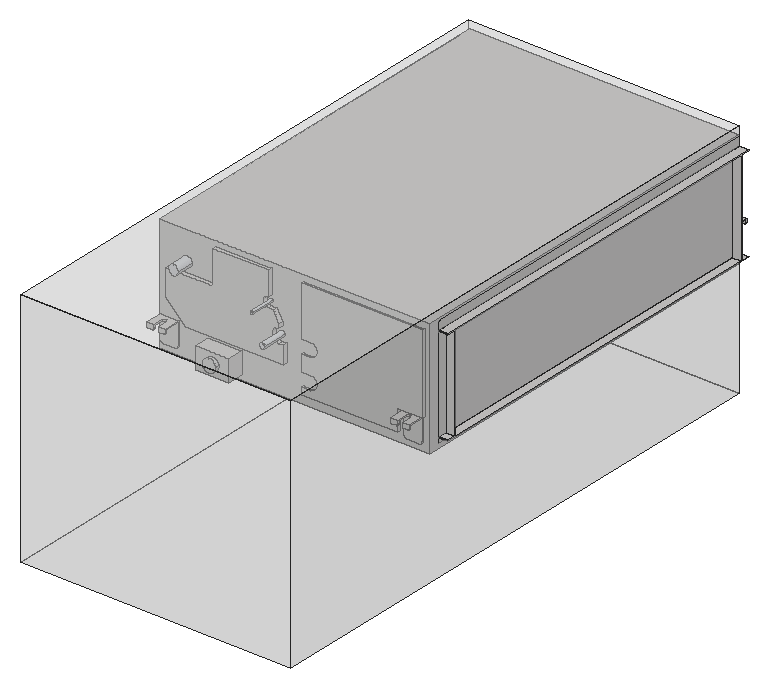
Revit family "outputfile", category 機械設備, Revit 2024
Family settings
  丸型コネクタ寸法 = 半径を使用
  パーツ タイプ = 標準
  OmniClass 番号 = 23.75.10.24.21.27.27
  OmniClass タイトル = Split System Air Conditioning Units
  作業面ベース = いいえ
  常に垂直 = はい
  ロード時にボイドで切り取り = いいえ
  注釈の向きを維持 = いいえ
  共有 = いいえ
  部屋計算ポイント = はい
Parameters (values of type "FXMQ50PAV4")
  Description = ""
  製造元 = "Daikin"
  書き出し IFC クラス(タイプ) = "IfcUnitaryEquipmentType"
  定義済み IFC タイプ(タイプ) = "AIRCONDITIONINGUNIT"
  Cost = 0
  モデル = "FXMQ50PAV4"
  Type Comments = ""
  Keynote = ""
  Type Image = (empty or 0)
  Assembly Code = ""
  r_Liquid Pipe Size = Liquid Pipe Size / 2  # 3.2 mm
  r_Gas Pipe Size = Gas Pipe Size / 2  # 6.35 mm
  r_Drain Pipe Size = Drain Pipe Size / 2  # 12.5 mm
  lw_power = 396.0 mm  # constant formula
  lh_SA = 165.0 mm  # constant formula
  lw_SA = if(Depth = 550.0 mm, 210.0 mm, if(Depth = 700.0 mm, 285.0 mm, if(Depth = 1000.0 mm, 435.0 mm, 635.0 mm)))  # 435.0 mm
  lw_RA = if(Depth = 550.0 mm, 288.0 mm, if(Depth = 700.0 mm, 363.0 mm, if(Depth = 1000.0 mm, 513.0 mm, 713.0 mm)))  # 513.0 mm
  lh_power = 60.0 mm + [h***]  # 60.0 mm
  lh_mountinghole1 = lh_mountinghole + [h***]  # 80.0 mm
  lh_RA = 150.0 mm  # constant formula
  ld_power = Depth / 2  # 500.0 mm
  Voltage_comment_60Hz = "220"
  Voltage_comment_50Hz = "220-240"
  Voltage_60Hz = 220 V
  Voltage_50Hz = 220 V
  URL = ""
  Supply Air Direction [instance] = yes
  Sound Power Level_H speed (dB) = 59
  Phase_60Hz = 1
  Phase_50Hz = 1
  Minimum External Static Pressure = 50.00 Pa
  Minimum Circuit Amps_60Hz = 1.6 A
  Minimum Circuit Amps_50Hz = 1.6 A
  Maximum Fuse Amps_60Hz = 16.0 A
  Maximum Fuse Amps_50Hz = 16.0 A
  Maximum External Static Pressure = 200.00 Pa
  Material_Casing = DAIKIN_GalvanizedSteel_Casing_indoorunit
  lw_mountinghole = 631.0 mm  # constant formula
  lh_gaspipe = 144.0 mm + [h***]  # 144.0 mm
  lh_mountinghole = 80.0 mm  # constant formula
  lh_liquidpipe = 212.0 mm + [h***]  # 212.0 mm
  lh_drainpipe = 232.0 mm + [h***]  # 232.0 mm
  lh_antena = Height - lh_mountinghole + 1.0 mm  # 221.0 mm
  ld_drainpipe = Depth / 2 + 54.0 mm  # 554.0 mm
  ld_liquidpipe = 565.0 mm
  ld_gaspipe = 565.0 mm
  ld_mountinghole = Depth + 38.0 mm  # 1038.0 mm
  h*** = 0.0 mm  # constant formula
  lw_liquidpipe = 290.0 mm  # constant formula
  lw_gaspipe = 318.0 mm  # constant formula
  lw_drainpipe = 80.0 mm  # constant formula
  Width = 700.0 mm
  Version = "ver.1.0"
  Unit Type = "Middle-High Static Pressure Duct Type"
  Unit Mass Weight = 35.00 kg
  Unit Designation [instance] = ""
  Uniclass2015Version = "Products v1.30"
  Uniclass2015Title = "Variable refrigerant flow units"
  Uniclass2015Code = "Pr_70_65_03_94"
  Total Heating Capacity [instance] = 0.000 kW
  Total Cooling Capacity [instance] = 0.000 kW
  Sound Pressure Level_M speed (dBA) = 0
  Sound Pressure Level_L speed (dBA) = 37
  Sound Pressure Level_H speed (dBA) = 41
  Series = "VRV Fan Coil Unit"
  Sensible Cooling Capacity [instance] = 0.000 kW
  SA Duct Size Width = if(Depth = 550.0 mm, 310.0 mm, if(Depth = 700.0 mm, 460.0 mm, if(Depth = 1000.0 mm, 760.0 mm, 1160.0 mm)))  # 760.0 mm
  SA Duct Size Height = 215.0 mm
  Refrigerant Type = "R410A"
  RA Duct Size Width = if(Depth = 550.0 mm, 475.0 mm, if(Depth = 700.0 mm, 625.0 mm, if(Depth = 1000.0 mm, 925.0 mm, 1325.0 mm)))  # 925.0 mm
  RA Duct Size Height = 247.0 mm
  Power Input (Heating) = 0.203 kW
  Power Input (Cooling) = 0.215 kW
  Option Accessory 3 [instance] = ""
  Option Accessory 2 [instance] = ""
  Option Accessory 1 [instance] = ""
  Nominal Heating Capacity = 6.300 kW
  Nominal Cooling Capacity = 5.600 kW
  Minimum Airflow = 900.00 m³/h
  Median Airflow = 990.00 m³/h
  Maximum Airflow = 1080.00 m³/h
  Load Classification = HVAC
  Liquid Pipe Size = 6.4 mm
  Link_Nested Family [instance] = ""
  IfcVersion = "0"
  IfcExportType = "AIRCONDITIONINGUNIT"
  IfcExportAs = "IfcUnitaryEquipmentType"
  Height = 300.0 mm
  Heating Entering Wet Bulb Temperature [instance] = 0.00 °C
  Heating Entering Dry Bulb Temperature [instance] = 0.00 °C
  Heating Ambient Wet Bulb Temperature [instance] = 0.00 °C
  Heating Ambient Dry Bulb Temperature [instance] = 0.00 °C
  Heat Exchanger Type = "Cross Fin Coil"
  Gas Pipe Size = 12.7 mm
  Frequency_60Hz = 60 Hz
  Frequency_50Hz = 50 Hz
  Fan Type = "Sirocco Fan"
  Fan Drive = "Direct Drive"
  FCU Tag No. [instance] = ""
  Drain Pipe Size = 25.0 mm
  Design Supply Airflow [instance] = 0.00 m³/h
  Design Return Airflow [instance] = 0.00 m³/h
  Design External Static Pressure [instance] = 0.00 Pa
  Depth = 1000.0 mm
  既定の高さ = 0.0 mm
  Cooling Entering Wet Bulb Temperature [instance] = 0.00 °C
  Cooling Entering Dry Bulb Temperature [instance] = 0.00 °C
  Cooling Ambient Wet Bulb Temperature [instance] = 0.00 °C
  Cooling Ambient Dry Bulb Temperature [instance] = 0.00 °C
  Clearance visibility [instance] = yes
  Clearance Top = 20.0 mm
  Clearance Right = 0.0 mm
  Clearance Rear = 0.0 mm
  Clearance Left = 0.0 mm
  Clearance Front = 450.0 mm
  Clearance Bottom = 300.0 mm
Reference planes
  plane 1 "Center (Front/Back)": y = 0
  plane 2 "h": z = 0
  plane 3 "Center (Left/Right)": x = 0
  plane 4 "Back": y = 500
  plane 5 "Front": y = -500
  plane 6 "Left": x = -350
  plane 7 "Reight": x = 350
  plane 8 "Top": z = 0
  plane 9 "Bottom": z = -300
  plane 10: y = -215
  plane 11: y = 500
  plane 12: y = -950
  plane 13: x = -350
  plane 14: x = 350
  plane 15: z = 20
  plane 16: z = -600
  plane 17: x = -350
  plane 18: z = -135
  plane 19: x = -349
  plane 20: x = 349
  plane 21: y = 65
  plane 22: y = 13
  plane 23: z = -150
  plane 24: y = -510.8
  plane 25: z = -14
  plane 26: z = -219
  plane 27: x = -324
  plane 28: x = -60
  plane 29: x = -20
  plane 30: z = -156
  plane 31: x = -32
  plane 32: z = -88
  plane 33: x = 23
  plane 34: x = 335
  plane 35: z = -15.8
  plane 36: z = -274.8
  plane 37: z = -219.8
  plane 38: x = 271
  plane 39: x = -223.3
  plane 40: x = -138.3
  plane 41: z = -232.7
  plane 42: z = -288.5
  plane 43: y = -541
  plane 44: x = -181
  plane 45: z = -260
  plane 46: y = -551
  plane 47: z = -163.8
  plane 48: z = -239.8
  plane 49: x = 46
  plane 50: z = -88
  plane 51: x = -60
  plane 52: y = -565
  plane 53: z = -156
  plane 54: x = -32
  plane 55: y = -554
  plane 56: z = -68
  plane 57: x = -270
  plane 58: x = -270
  plane 59: x = -60
  plane 60: x = -32
  plane 61: x = 46
  plane 62: x = -323
  plane 63: x = 308
  plane 64: y = -519
  plane 65: y = 519
  plane 66: z = -220
  plane 67: y = -506
  plane 68: x = -204
  plane 69: z = -100.2
  plane 70: x = -374
  plane 71: x = 374
Forms (mm)
  Extrusion 1, solid, material "DAIKIN_GalvanizedSteel_Casing_indoorunit" <- "Material_Casing"
    sketch origin (0, 0, 0) x (1, 0, 0) y (0, 1, 0)
      loop
        line (-349, 500) -> (-349, -500) -> (349, -500) -> (349, 500) -> (-349, 500)
    from -300 to 0
  Extrusion 2, solid, material "DAIKIN_GalvanizedSteel_Casing_indoorunit" <- "Material_Casing"
    sketch origin (0, 0, 0) x (1, 0, 0) y (0, 0, 1)
      loop
        line (-324, -100.2) -> (-324, -168) -> (-273, -219) -> (-20, -219) -> (-20, -173.5) -> (-32, -173.5)
        arc (-32, -173.5) -> (-49.5, -156) -> (-32, -138.5) r 17.5
        line (-32, -138.5) -> (-32, -127.5) -> (-47, -101) -> (-60, -101)
        arc (-60, -101) -> (-73, -88) -> (-60, -75) r 13
        line (-60, -75) -> (-60, -14) -> (-204, -14) -> (-204, -100.2) -> (-324, -100.2)
    from 500 to 510.8
  Extrusion 3, solid, material "DAIKIN_GalvanizedSteel_Casing_indoorunit" <- "Material_Casing"
    sketch origin (0, 0, 0) x (1, 0, 0) y (0, 0, 1)
      loop
        line (23, -274.8) -> (271, -274.8) -> (271, -219.8) -> (335, -219.8) -> (335, -15.8) -> (23, -15.8) -> (23, -146.3) -> (46, -146.3)
        arc (46, -146.3) -> (63.5, -163.8) -> (46, -181.3) r 17.5
        line (46, -181.3) -> (23, -181.3) -> (23, -222.3) -> (46, -222.3)
        arc (46, -222.3) -> (63.5, -239.8) -> (46, -257.3) r 17.5
        line (46, -257.3) -> (23, -257.3) -> (23, -274.8)
    from 500 to 506
  Extrusion 4, solid, material "DAIKIN_GalvanizedSteel_Casing_indoorunit" <- "Material_Casing"
    sketch origin (0, 0, 0) x (1, 0, 0) y (0, 0, 1)
      loop
        line (-223.3, -232.7) -> (-223.3, -288.5) -> (-138.3, -288.5) -> (-138.3, -232.7) -> (-223.3, -232.7)
    from 500 to 541
  Extrusion 5, solid, material "DAIKIN_GalvanizedSteel_Casing_indoorunit" <- "Material_Casing"
    sketch origin (0, 0, 0) x (1, 0, 0) y (0, 0, 1)
      loop
        circle (-181, -260) r 16.5
    from 541 to 551
  Extrusion 6, solid
    sketch origin (0, 0, 0) x (1, 0, 0) y (0, 0, 1)
      loop
        circle (-60, -88) r 3.2
    from 500 to 565
  Extrusion 7, solid
    sketch origin (0, 0, 0) x (1, 0, 0) y (0, 0, 1)
      loop
        circle (-32, -156) r 6.35
    from 500 to 565
  Extrusion 8, solid
    sketch origin (0, 0, 0) x (1, 0, 0) y (0, 0, 1)
      loop
        circle (-270, -68) r 12.5
    from 510.8 to 554
Dimensions and locks
  "Height": plane 8 "Top" to plane 9 "Bottom"
  equal spacing: plane 4 "Back", plane 1 "Center (Front/Back)", plane 5 "Front"
  "Depth": plane 4 "Back" to plane 5 "Front"
  equal spacing: plane 6 "Left", plane 3 "Center (Left/Right)", plane 7 "Reight"
  "Width": plane 6 "Left" to plane 7 "Reight"
  "Clearance Left": plane 13 to plane 6 "Left"
  "Clearance Right": plane 7 "Reight" to plane 14
  "Clearance Rear": plane 11 to plane 4 "Back"
  "Clearance Front": plane 5 "Front" to plane 12
  "Clearance Top": plane 15 to plane 8 "Top"
  "Clearance Bottom": plane 9 "Bottom" to plane 16
  "lh_SA": plane 18 to plane 9 "Bottom"
  locked: plane 17 to plane 19 at 1
  locked: plane 20 to plane 14 at 1
  "lw_SA": plane 11 to plane 21
  "lw_RA": plane 22 to plane 5 "Front"
  "lh_RA": plane 23 to plane 9 "Bottom"
  locked: plane 5 "Front" to plane 24 at 10.8
  plane 29 to plane 28 to plane 27 to plane 6 "Left" = 40.0 mm, 264.0 mm, 26.0 mm
  locked: plane 31 to plane 6 "Left" at 318
  plane 34 to plane 33 to plane 6 "Left" = 312.0 mm locked, 373.0 mm locked
  locked: plane 34 to plane 38 at 64
  locked: plane 37 to plane 36 at 55
  plane 40 to plane 39 to plane 6 "Left" = 85.0 mm locked, 126.7 mm locked
  locked: plane 5 "Front" to plane 43 at 41
  locked: plane 44 to plane 6 "Left" at 169
  locked: plane 43 to plane 46 at 10
  plane 47 to plane 48 to plane 36 = 76.0 mm locked, 35.0 mm locked
  locked: plane 49 to plane 33 at 23
  "lw_liquidpipe": plane 51 to plane 6 "Left"
  "lh_liquidpipe": plane 50 to plane 9 "Bottom"
  "lh_gaspipe": plane 53 to plane 9 "Bottom"
  "lw_gaspipe": plane 54 to plane 6 "Left"
  "ld_gaspipe": plane 52 to plane 1 "Center (Front/Back)"
  "ld_drainpipe": plane 55 to plane 1 "Center (Front/Back)"
  "lh_drainpipe": plane 56 to plane 9 "Bottom"
  "lw_drainpipe": plane 57 to plane 6 "Left"
  "lw_drainpipe": plane 6 "Left" to plane 58
  "lw_liquidpipe": plane 6 "Left" to plane 59
  "lw_gaspipe": plane 6 "Left" to plane 60
  "lw_power": plane 6 "Left" to plane 61
  plane 17 to plane 62 = 27.0 mm
  "lw_mountinghole": plane 62 to plane 63
  equal spacing: plane 64, plane 1 "Center (Front/Back)", plane 65
  "ld_mountinghole": plane 65 to plane 64
  "lh_mountinghole": plane 66 to plane 9 "Bottom"
  plane 8 "Top" to plane 41 to plane 42 = 232.7 mm locked, 55.8 mm locked
  locked: plane 8 "Top" to plane 45 at 260
  plane 8 "Top" to plane 25 to plane 26 = 14.0 mm locked, 205.0 mm locked
  plane 8 "Top" to plane 32 to plane 30 = 88.0 mm locked, 68.0 mm locked
  plane 8 "Top" to plane 35 to plane 36 = 15.8 mm locked, 259.0 mm locked
  locked: plane 5 "Front" to plane 67 at 6
  locked: plane 25 to plane 69 at 86.2
  locked: plane 27 to plane 68 at 120
  locked: plane 70 to plane 6 "Left" at 24
  locked: plane 14 to plane 71 at 24
  "r_Liquid Pipe Size": radius of Extrusion 6 sketch curve
  "r_Gas Pipe Size": radius of Extrusion 7 sketch curve
  "r_Drain Pipe Size": radius of Extrusion 8 sketch curve
  aligned and locked: level to plane 2 "h"
  aligned and locked: plane 8 "Top" to Extrusion 1
  aligned and locked: Extrusion 1 to plane 9 "Bottom"
  aligned and locked: nested 5 to plane 12
  aligned and locked: plane 13 to nested 5
  aligned and locked: plane 14 to nested 5
  aligned and locked: nested 5 to plane 13
  aligned and locked: plane 11 to nested 5
  aligned and locked: plane 15 to nested 5
  aligned and locked: plane 16 to nested 5
  aligned and locked: plane 5 "Front" to Extrusion 1 sketch curve
  aligned and locked: Extrusion 1 to plane 19
  aligned and locked: plane 20 to Extrusion 1
  aligned and locked: nested 7 to plane 19
  aligned and locked: nested 7 to plane 21
  aligned and locked: plane 18 to nested 7
  aligned and locked: plane 20 to nested 8
  aligned and locked: plane 22 to nested 8
  aligned and locked: plane 23 to nested 8
  aligned and locked: Extrusion 2 to plane 24
  aligned and locked: plane 5 "Front" to Extrusion 2
  aligned and locked: plane 36 to Extrusion 3 sketch curve
  aligned and locked: plane 38 to Extrusion 3 sketch curve
  aligned and locked: plane 37 to Extrusion 3 sketch curve
  aligned and locked: Extrusion 3 sketch curve to plane 34
  aligned and locked: Extrusion 3 sketch curve to plane 35
  aligned and locked: Extrusion 3 sketch curve to plane 33
  aligned and locked: plane 5 "Front" to Extrusion 3
  aligned and locked: Extrusion 4 sketch curve to plane 41
  aligned and locked: Extrusion 4 sketch curve to plane 39
  aligned and locked: plane 42 to Extrusion 4 sketch curve
  aligned and locked: plane 40 to Extrusion 4 sketch curve
  aligned and locked: Extrusion 4 to plane 43
  aligned and locked: plane 5 "Front" to Extrusion 4
  aligned and locked: Extrusion 5 sketch curve to plane 44
  aligned and locked: plane 45 to Extrusion 5 sketch curve
  aligned and locked: Extrusion 5 to plane 46
  aligned and locked: plane 43 to Extrusion 5
  aligned and locked: Extrusion 6 sketch curve to plane 51
  aligned and locked: plane 50 to Extrusion 6 sketch curve
  aligned and locked: Extrusion 6 to plane 52
  aligned and locked: plane 5 "Front" to Extrusion 6
  aligned and locked: Extrusion 7 sketch curve to plane 54
  aligned and locked: plane 53 to Extrusion 7 sketch curve
  aligned and locked: Extrusion 7 to Extrusion 6
  aligned and locked: plane 5 "Front" to Extrusion 7
  aligned and locked: Extrusion 8 sketch curve to plane 57
  aligned and locked: plane 56 to Extrusion 8 sketch curve
  aligned and locked: Extrusion 8 to plane 55
  aligned and locked: plane 24 to Extrusion 8
  aligned and locked: nested 3 to plane 55
  aligned and locked: plane 58 to nested 3
  aligned and locked: nested 2 to plane 59
  aligned and locked: nested 2 to plane 52
  aligned and locked: nested 1 to plane 60
  aligned and locked: Extrusion 7 to plane 52
  aligned and locked: nested 1 to plane 52
  aligned and locked: nested 6 to plane 5 "Front"
  aligned and locked: nested 6 to plane 61
  aligned and locked: plane 62 to nested 10
  aligned and locked: nested 10 to plane 5 "Front"
  aligned and locked: plane 63 to nested 9
  aligned and locked: nested 9 to plane 5 "Front"
  aligned and locked: nested 11 to plane 62
  aligned and locked: plane 4 "Back" to nested 11
  aligned and locked: nested 12 to plane 63
  aligned and locked: plane 4 "Back" to nested 12
  aligned and locked: plane 66 to nested 10
  aligned and locked: plane 66 to nested 11
  aligned and locked: plane 66 to nested 9
  aligned and locked: plane 66 to nested 12
  aligned and locked: plane 62 to nested 14
  aligned and locked: nested 14 to plane 65
  aligned and locked: plane 63 to nested 13
  aligned and locked: nested 13 to plane 65
  aligned and locked: plane 63 to nested 16
  aligned and locked: plane 64 to nested 16
  aligned and locked: plane 64 to nested 15
  aligned and locked: plane 62 to nested 15
  aligned and locked: Extrusion 3 to plane 67
  aligned and locked: Extrusion 2 sketch curve to plane 68
  aligned and locked: plane 69 to Extrusion 2 sketch curve
  aligned and locked: nested 17 to plane 21
  aligned and locked: nested 17 to plane 70
  aligned and locked: plane 18 to nested 17
  aligned and locked: plane 22 to nested 18
  aligned and locked: plane 71 to nested 18
  aligned and locked: nested 18 to plane 23
  aligned and locked: nested 4 to plane 3 "Center (Left/Right)"
  aligned and locked: plane 1 "Center (Front/Back)" to nested 4
  aligned and locked: level to plane 8 "Top"
Automatic sketch dimensions
  plane 6 "Left" to Extrusion 1 sketch curve = 1.0 mm
  Extrusion 1 sketch curve to plane 7 "Reight" = 1.0 mm
  Extrusion 1 sketch curve to plane 4 "Back" = 0.0 mm
  Extrusion 3 sketch curve to plane 33 = 0.0 mm  (x2)
  Extrusion 3 sketch curve to plane 47 = 0.0 mm
  Extrusion 3 sketch curve to plane 49 = 0.0 mm  (x4)
  Extrusion 3 sketch curve to plane 48 = 0.0 mm
  Extrusion 3 sketch curve to plane 37 = 2.5 mm
  plane 23 to Extrusion 3 sketch curve = 3.7 mm
  plane 27 to Extrusion 2 sketch curve = 0.0 mm
  Extrusion 2 sketch curve to plane 26 = 0.0 mm
  Extrusion 2 sketch curve to plane 28 = 0.0 mm
  Extrusion 2 sketch curve to plane 31 = 0.0 mm
  Extrusion 2 sketch curve to plane 29 = 0.0 mm
  Extrusion 2 sketch curve to plane 30 = 0.0 mm
  Extrusion 2 sketch curve to plane 32 = 0.0 mm
  Extrusion 2 sketch curve to plane 25 = 0.0 mm
  Extrusion 2 sketch curve to Extrusion 2 sketch curve = 13.0 mm
  Extrusion 2 sketch curve to Extrusion 2 sketch curve = 17.5 mm
  plane 18 to Extrusion 2 sketch curve = 7.5 mm
  Extrusion 2 sketch curve to plane 58 = 3.0 mm
  Extrusion 2 sketch curve to plane 30 = 12.0 mm
  Extrusion 2 sketch curve to Extrusion 2 sketch curve = 0.8 mm
  radius of Extrusion 5 sketch curve = 16.5 mm
Nested families
  nested 1: "daikin_connector_rotate2" at (-32, 0, -156), length <- "ld_gaspipe", built-in parameter 1001364 <- "lh_gaspipe", radius <- "r_Gas Pipe Size", type "daikin_connector_rotate2"
    with radius 6.35 mm, length 565.0 mm, angle_vertical 90.00°
  nested 2: "daikin_connector_rotate2" at (-60, 0, -88), length <- "ld_liquidpipe", built-in parameter 1001364 <- "lh_liquidpipe", radius <- "r_Liquid Pipe Size", type "daikin_connector_rotate2"
    with radius 3.2 mm, length 565.0 mm, angle_vertical 90.00°
  nested 3: "daikin_connector_rotate2" at (-270, 0, -68), length <- "ld_drainpipe", built-in parameter 1001364 <- "lh_drainpipe", radius <- "r_Drain Pipe Size", type "daikin_connector_rotate2"
    with radius 12.5 mm, length 554.0 mm, angle_vertical 90.00°
  nested 4: "daikin_△_symbolicline" at (0, 0, 300) x (0, -1, 0) z (0, 0, 1), built-in parameter 1001364 <- "Height", visible <- "Supply Air Direction", type "daikin_△_symbolicline"
    with length 200.0 mm
  nested 5: "daikin_clearancespace" at (0, -225, -289.881), visible <- "Clearance visibility", show <- "Clearance visibility", Link_Nested Family <- "Link_Nested Family", type "daikin_clearancespace"
    with width 700.0 mm, show yes, height 620.0 mm, depth 1450.0 mm, Link_Nested Family ""
  nested 6: "daikin_connector_rotate2" at (46, 0, -240), built-in parameter 1001364 <- "lh_power", length <- "ld_power", type "daikin_connector_rotate2"
    with radius 10.0 mm, length 500.0 mm, angle_vertical 90.00°
  nested 7: "daikin_ductflange_FXMQ-PAV4_2" at (-349, 65, -135) x (0, -1, 0) z (0, 0, 1), type "daikin_ductflange_FXMQ-PAV4_2"
    with width 760.0 mm, w 1000.0 mm
  nested 8: "daikin_ductflange_FXMQ-PAV4_1" at (349, 13, -150) x (0, 1, 0) z (0, 0, 1), type "daikin_ductflange_FXMQ-PAV4_1"
    with width 925.0 mm, w 1000.0 mm
  nested 9: "daikin_hangerfixture_FXMQ-PAV4" at (308, -500, -220), type "daikin_hangerfixture_FXMQ-PAV4"
  nested 10: "daikin_hangerfixture_FXMQ-PAV4" at (-323, -500, -220), type "daikin_hangerfixture_FXMQ-PAV4"
  nested 11: "daikin_hangerfixture_FXMQ-PAV4" at (-323, 500, -220) x (-1, 0, 0) z (0, 0, 1), type "daikin_hangerfixture_FXMQ-PAV4"
  nested 12: "daikin_hangerfixture_FXMQ-PAV4" at (308, 500, -220) x (-1, 0, 0) z (0, 0, 1), type "daikin_hangerfixture_FXMQ-PAV4"
  nested 13: "daikin_mountinghole" at (308, 519, -300), h_mountinghole <- "lh_mountinghole1", l_antenna <- "lh_antena", Link_Nested Family <- "Link_Nested Family", type "daikin_mountinghole"
    with show yes, l_antenna 221.0 mm, h_mountinghole 80.0 mm, Link_Nested Family ""
  nested 14: "daikin_mountinghole" at (-323, 519, -300), h_mountinghole <- "lh_mountinghole1", l_antenna <- "lh_antena", Link_Nested Family <- "Link_Nested Family", type "daikin_mountinghole"
    with show yes, l_antenna 221.0 mm, h_mountinghole 80.0 mm, Link_Nested Family ""
  nested 15: "daikin_mountinghole" at (-323, -519, -300), h_mountinghole <- "lh_mountinghole1", l_antenna <- "lh_antena", Link_Nested Family <- "Link_Nested Family", type "daikin_mountinghole"
    with show yes, l_antenna 221.0 mm, h_mountinghole 80.0 mm, Link_Nested Family ""
  nested 16: "daikin_mountinghole" at (308, -519, -300), h_mountinghole <- "lh_mountinghole1", l_antenna <- "lh_antena", Link_Nested Family <- "Link_Nested Family", type "daikin_mountinghole"
    with show yes, l_antenna 221.0 mm, h_mountinghole 80.0 mm, Link_Nested Family ""
  nested 17: "daikin_connector_rotate2" at (-350, 65, -135) x (0, -1, 0) z (0, 0, 1), type "daikin_connector_rotate2"
    with radius 10.0 mm, length 24.0 mm, angle_vertical 90.00°
  nested 18: "daikin_connector_rotate2" at (350, 13, -150) x (0, 1, 0) z (0, 0, 1), type "daikin_connector_rotate2"
    with radius 10.0 mm, length 24.0 mm, angle_vertical 90.00°
Connectors
  piping at (-270, -554, -68), diameter 25, driven by "r_Drain Pipe Size"
    settings: on nested 3, index 3, connector inside diameter 609.6 mm, connector length 0.0 mm, flow factor 0, pipe flow 0.00 m³/h, pressure drop 0.0 Pa, fitting loss kfactor 0, connector angle 0.00°, fixture units 0, engagement length 0.0 mm, angle of deflection 0.00°, flow configuration 1, flow direction 2, fitting loss method 4, system type 16, joint type 0, gender type 0, connector reference index -1, connector utility 0, adjustable connector no, is connector primary yes, connector description "Condensate Drain Piping"
  piping at (-32, -565, -156), diameter 12.7, driven by "r_Gas Pipe Size"
    settings: on nested 1, index 4, connector inside diameter 609.6 mm, connector length 0.0 mm, flow factor 0, pipe flow 0.00 m³/h, pressure drop 0.0 Pa, fitting loss kfactor 0, connector angle 0.00°, fixture units 0, engagement length 0.0 mm, angle of deflection 0.00°, flow configuration 1, flow direction 2, fitting loss method 0, system type 29, joint type 0, gender type 0, connector reference index -1, connector utility 0, adjustable connector no, is connector primary no, connector description "Refrigerant Gas Piping"
  piping at (-60, -565, -88), diameter 6.4, driven by "r_Liquid Pipe Size"
    settings: on nested 2, index 5, connector inside diameter 609.6 mm, connector length 0.0 mm, flow factor 0, pipe flow 0.00 m³/h, pressure drop 0.0 Pa, fitting loss kfactor 0, connector angle 0.00°, fixture units 0, engagement length 0.0 mm, angle of deflection 0.00°, flow configuration 1, flow direction 1, fitting loss method 0, system type 29, joint type 0, gender type 0, connector reference index -1, connector utility 0, adjustable connector no, is connector primary no, connector description "Refrigerant Liquid Piping"
  electrical at (46, -500, -240), driven by "Load Classification"
    settings: on nested 6, index 6, voltage 0 V, apparent load 0 VA, apparent load phase1 0 VA, apparent load phase2 0 VA, apparent load phase3 0 VA, power factor 1, load classification "HVAC", number of poles 1, system type 30, power factor state 1, is connector primary yes, connector utility no, sub classification motor no, connector description "Power Supply"
  hvac at (-374, 65, -135), driven by "SA Duct Size Height", driven by "SA Duct Size Width"
    settings: on nested 17, index 7, duct flow 0.00 m³/h, flow factor 0, pres drop 0.00 Pa, loss coef 0, conn angle 0.00°, conn width 760.0 mm, conn height 215.0 mm, conn diameter 609.6 mm, duct sys type 1, conn prof type 1, flow config 0, flow direction 2, loss method 4, conn ref index -1, conn util no, is conn primary yes, conn desc "SA Duct"
  hvac at (374, 13, -150), driven by "RA Duct Size Height", driven by "RA Duct Size Width"
    settings: on nested 18, index 8, duct flow 0.00 m³/h, flow factor 0, pres drop 0.00 Pa, loss coef 0, conn angle 0.00°, conn width 925.0 mm, conn height 247.0 mm, conn diameter 609.6 mm, duct sys type 2, conn prof type 1, flow config 0, flow direction 1, loss method 4, conn ref index -1, conn util no, is conn primary no, conn desc "RA Duct"
Definition of nested family "daikin_clearancespace"
  Parameters (values of type "daikin_clearancespace")
    width [instance] = 1823.963 mm
    show [instance] = yes
    material = none
    height [instance] = 1359.762 mm
    depth [instance] = 880.0 mm
    Default Elevation = 0.0 mm
    Link_Nested Family [instance] = ""
  Reference planes
    plane 1 "Center (Front/Back)": y = 0
    plane 2 "Center (Elevation)": z = -0.119
    plane 3 "Center (Left/Right)": x = 0
    plane 4: y = 440
    plane 5: y = -440
    plane 6 "Right": x = 911.982
    plane 7 "Left": x = -911.982
    plane 8 "Top": z = 679.762
    plane 9 "Bottom": z = -680
  Forms (mm)
    Extrusion 1, solid, material <- "material", visible <- "show"
      sketch origin (0, 0, 0) x (1, 0, 0) y (0, 1, 0)
        loop
          line (-911.982, 440) -> (-911.982, -440) -> (911.982, -440) -> (911.982, 440) -> (-911.982, 440)
      from -680 to 679.762
  Lines and regions (mm)
    symbolic lines, visible <- "show"
      curve 1: line (911.982, 440, 0) -> (-911.982, 440, 0)
      curve 2: line (-911.982, 440, 0) -> (-911.982, -440, 0)
      curve 3: line (-911.982, -440, 0) -> (911.982, -440, 0)
      curve 4: line (911.982, -440, 0) -> (911.982, 440, 0)
      curve 5: line (911.982, 0, 679.762) -> (-911.982, 0, 679.762)
      curve 6: line (911.982, 0, -680) -> (911.982, 0, 679.762)
      curve 7: line (-911.982, 0, -680) -> (911.982, 0, -680)
      curve 8: line (-911.982, 0, 679.762) -> (-911.982, 0, -680)
      curve 9: line (0, 440, 679.762) -> (0, -440, 679.762)
      curve 10: line (0, -440, 679.762) -> (0, -440, -680)
      curve 11: line (0, 440, -680) -> (0, 440, 679.762)
      curve 12: line (0, -440, -680) -> (0, 440, -680)
  Dimensions and locks
    "width": plane 7 "Left" to plane 6 "Right"
    "depth": plane 4 to plane 5
    "height": plane 8 "Top" to plane 9 "Bottom"
    equal spacing: plane 7 "Left", plane 3 "Center (Left/Right)", plane 6 "Right"
    equal spacing: plane 4, plane 1 "Center (Front/Back)", plane 5
    equal spacing: plane 8 "Top", plane 2 "Center (Elevation)", plane 9 "Bottom"
    aligned and locked: level to plane 2 "Center (Elevation)"
    aligned and locked: Extrusion 1 sketch curve to plane 4
    aligned and locked: plane 7 "Left" to Extrusion 1 sketch curve
    aligned and locked: Extrusion 1 sketch curve to plane 5
    aligned and locked: Extrusion 1 sketch curve to plane 6 "Right"
    aligned and locked: plane 8 "Top" to Extrusion 1
    aligned and locked: curve 1 to Extrusion 1
    aligned and locked: curve 2 to Extrusion 1
    aligned and locked: curve 3 to Extrusion 1
    aligned and locked: curve 4 to Extrusion 1
    aligned and locked: curve 5 to Extrusion 1
    aligned and locked: curve 6 to Extrusion 1
    aligned and locked: curve 7 to Extrusion 1
    aligned and locked: curve 8 to Extrusion 1
    aligned and locked: curve 9 to Extrusion 1
    aligned and locked: curve 10 to Extrusion 1
    aligned and locked: curve 11 to Extrusion 1
    aligned and locked: curve 12 to Extrusion 1
    aligned and locked: Extrusion 1 to plane 9 "Bottom"
Definition of nested family "daikin_ductflange_FXMQ-PAV4_2"
  Parameters (values of type "daikin_ductflange_FXDSQ-AVM2")
    width = if(w = 550.0 mm, 310.0 mm, if(w = 700.0 mm, 460.0 mm, if(w = 1000.0 mm, 760.0 mm, 1160.0 mm)))  # 310.0 mm
    material = none
    height = 215.0 mm
    depth = 1.0 mm
    w = 550.0 mm
    Default Elevation = 0.0 mm
  Reference planes
    plane 1 "Center (Front/Back)": y = 0
    plane 2: z = 0
    plane 3 "Center (Left/Right)": x = 0
    plane 4: z = 107.5
    plane 5: z = -107.5
    plane 6: y = -25
    plane 7: z = 132.5
    plane 8: z = 108.5
    plane 9: y = -1
    plane 10: x = -177.5
    plane 11: x = 177.5
    plane 12: z = -132.5
    plane 13: z = -108.5
    plane 14: y = -1
    plane 15: x = 155
    plane 16: x = -155
    plane 17: x = 156
    plane 18: z = 106.5
    plane 19: z = -106.5
    plane 20: x = -156
    plane 21: z = 106.5
    plane 22: z = -106.5
    plane 23: y = -1
  Forms (mm)
    Extrusion 1, solid, material <- "material"
      sketch origin (0, 0, 0) x (0, 1, 0) y (0, 0, 1)
        loop
          line (-25, 107.5) -> (0, 107.5) -> (0, 132.5) -> (-1, 132.5) -> (-1, 108.5) -> (-25, 108.5) -> (-25, 107.5)
      from -177.5 to 177.5
    Extrusion 2, solid, material <- "material"
      sketch origin (0, 0, 0) x (0, 1, 0) y (0, 0, 1)
        loop
          line (-25, -107.5) -> (-25, -108.5) -> (-1, -108.5) -> (-1, -132.5) -> (0, -132.5) -> (0, -107.5) -> (-25, -107.5)
      from -177.5 to 177.5
    Extrusion 3, solid, material <- "material"
      sketch origin (0, 0, 0) x (1, 0, 0) y (0, 0, 1)
        loop
          line (155, 107.5) -> (155, -107.5) -> (177.5, -107.5) -> (177.5, -106.5) -> (156, -106.5) -> (156, 106.5) -> (177.5, 106.5) -> (177.5, 107.5) -> (155, 107.5)
      from 0 to 25
    Extrusion 4, solid, material <- "material"
      sketch origin (0, 0, 0) x (1, 0, 0) y (0, 0, 1)
        loop
          line (-177.5, 107.5) -> (-177.5, 106.5) -> (-156, 106.5) -> (-156, -106.5) -> (-177.5, -106.5) -> (-177.5, -107.5) -> (-155, -107.5) -> (-155, 107.5) -> (-177.5, 107.5)
      from 0 to 25
    Extrusion 5, solid, material <- "material"
      sketch origin (0, 0, 0) x (1, 0, 0) y (0, 0, 1)
        loop
          line (-177.5, 107.5) -> (-177.5, -107.5) -> (-155, -107.5) -> (-155, 107.5) -> (-177.5, 107.5)
        loop
          line (177.5, 107.5) -> (155, 107.5) -> (155, -107.5) -> (177.5, -107.5) -> (177.5, 107.5)
      from 0 to 1
  Cuts and joins
    joined: Extrusion 1, Extrusion 2, Extrusion 3, Extrusion 4, Extrusion 5
  Dimensions and locks
    plane 4 to level to plane 5 = 107.5 mm locked, 107.5 mm locked
    locked: plane 6 to plane 1 "Center (Front/Back)" at 25
    locked: plane 9 to plane 1 "Center (Front/Back)" at 1
    locked: plane 8 to plane 4 at 1
    locked: plane 11 to plane 15 at 22.5
    locked: plane 16 to plane 10 at 22.5
    locked: plane 17 to plane 15 at 1
    locked: plane 4 to plane 18 at 1
    locked: plane 19 to plane 5 at 1
    "width": plane 15 to plane 16
    plane 4 to plane 5 = 215.0 mm
    equal spacing: plane 15, plane 3 "Center (Left/Right)", plane 16
    locked: plane 16 to plane 20 at 1
    locked: plane 4 to plane 21 at 1
    locked: plane 22 to plane 5 at 1
    locked: plane 23 to plane 1 "Center (Front/Back)" at 1
    aligned and locked: level to plane 2
    aligned and locked: Extrusion 1 to plane 10
    aligned and locked: plane 11 to Extrusion 1
    aligned and locked: plane 5 to Extrusion 2
    aligned and locked: Extrusion 2 to plane 1 "Center (Front/Back)"
    aligned and locked: plane 15 to Extrusion 3 sketch curve
    aligned and locked: Extrusion 3 sketch curve to Extrusion 2  (x2)
    aligned and locked: Extrusion 3 sketch curve to plane 11
    aligned and locked: plane 6 to Extrusion 3
    aligned and locked: Extrusion 2 to plane 10
    aligned and locked: plane 11 to Extrusion 2
    aligned and locked: Extrusion 4 sketch curve to Extrusion 1  (x2)
    aligned and locked: plane 5 to Extrusion 4 sketch curve
    aligned and locked: Extrusion 4 sketch curve to plane 16
    aligned and locked: Extrusion 4 sketch curve to plane 22
    aligned and locked: plane 20 to Extrusion 4 sketch curve
    aligned and locked: plane 21 to Extrusion 4 sketch curve
    aligned and locked: Extrusion 4 to plane 1 "Center (Front/Back)"
    aligned and locked: plane 6 to Extrusion 4
    aligned and locked: Extrusion 5 sketch curve to Extrusion 1  (x4)
    aligned and locked: Extrusion 5 sketch curve to Extrusion 4  (x2)
    aligned and locked: Extrusion 5 sketch curve to Extrusion 3  (x2)
    aligned and locked: Extrusion 5 to plane 1 "Center (Front/Back)"
    aligned and locked: plane 23 to Extrusion 5
  Automatic sketch dimensions
    Extrusion 1 sketch curve to plane 6 = 0.0 mm
    Extrusion 1 sketch curve to plane 7 = 0.0 mm
    Extrusion 1 sketch curve to plane 9 = 0.0 mm
    Extrusion 1 sketch curve to plane 1 "Center (Front/Back)" = 0.0 mm
    Extrusion 1 sketch curve to plane 4 = 0.0 mm
    Extrusion 1 sketch curve to plane 8 = 0.0 mm
    Extrusion 2 sketch curve to plane 6 = 0.0 mm
    plane 12 to Extrusion 2 sketch curve = 0.0 mm
    Extrusion 2 sketch curve to plane 14 = 0.0 mm
    Extrusion 2 sketch curve to plane 1 "Center (Front/Back)" = 0.0 mm
    plane 13 to Extrusion 2 sketch curve = 0.0 mm
    Extrusion 2 sketch curve to plane 5 = 0.0 mm
    Extrusion 3 sketch curve to plane 17 = 0.0 mm
    Extrusion 3 sketch curve to plane 19 = 0.0 mm
    Extrusion 3 sketch curve to plane 18 = 0.0 mm
    Extrusion 3 sketch curve to plane 4 = 0.0 mm
    Extrusion 4 sketch curve to plane 10 = 0.0 mm
Definition of nested family "daikin_ductflange_FXMQ-PAV4_1"
  Parameters (values of type "daikin_ductflange_FXDSQ-AVM")
    width = if(w = 550.0 mm, 475.0 mm, if(w = 700.0 mm, 625.0 mm, if(w = 1000.0 mm, 925.0 mm, 1325.0 mm)))  # 475.0 mm
    material = none
    height = 247.0 mm
    depth = 1.0 mm
    w = 550.0 mm
    Default Elevation = 0.0 mm
  Reference planes
    plane 1 "Center (Front/Back)": y = 0
    plane 2: z = 0
    plane 3 "Center (Left/Right)": x = 0
    plane 4: z = 123.5
    plane 5: z = -123.5
    plane 6: y = -25
    plane 7: z = 146.5
    plane 8: z = 124.5
    plane 9: y = -1
    plane 10: x = -260
    plane 11: x = 260
    plane 12: z = -137
    plane 13: z = -124.5
    plane 14: y = -1
    plane 15: x = 237.5
    plane 16: x = -237.5
    plane 17: x = 238.5
    plane 18: z = 122.5
    plane 19: z = -122.5
    plane 20: x = -238.5
    plane 21: z = 122.5
    plane 22: z = -122.5
    plane 23: y = -1
  Forms (mm)
    Extrusion 1, solid, material <- "material"
      sketch origin (0, 0, 0) x (0, 1, 0) y (0, 0, 1)
        loop
          line (-25, 123.5) -> (0, 123.5) -> (0, 146.5) -> (-1, 146.5) -> (-1, 124.5) -> (-25, 124.5) -> (-25, 123.5)
      from -260 to 260
    Extrusion 2, solid, material <- "material"
      sketch origin (0, 0, 0) x (0, 1, 0) y (0, 0, 1)
        loop
          line (-25, -123.5) -> (-25, -124.5) -> (-1, -124.5) -> (-1, -137) -> (0, -137) -> (0, -123.5) -> (-25, -123.5)
      from -260 to 260
    Extrusion 3, solid, material <- "material"
      sketch origin (0, 0, 0) x (1, 0, 0) y (0, 0, 1)
        loop
          line (237.5, 123.5) -> (237.5, -123.5) -> (260, -123.5) -> (260, -122.5) -> (238.5, -122.5) -> (238.5, 122.5) -> (260, 122.5) -> (260, 123.5) -> (237.5, 123.5)
      from 0 to 25
    Extrusion 4, solid, material <- "material"
      sketch origin (0, 0, 0) x (1, 0, 0) y (0, 0, 1)
        loop
          line (-260, 123.5) -> (-260, 122.5) -> (-238.5, 122.5) -> (-238.5, -122.5) -> (-260, -122.5) -> (-260, -123.5) -> (-237.5, -123.5) -> (-237.5, 123.5) -> (-260, 123.5)
      from 0 to 25
    Extrusion 5, solid, material <- "material"
      sketch origin (0, 0, 0) x (1, 0, 0) y (0, 0, 1)
        loop
          line (-260, 123.5) -> (-260, -123.5) -> (-237.5, -123.5) -> (-237.5, 123.5) -> (-260, 123.5)
        loop
          line (260, 123.5) -> (237.5, 123.5) -> (237.5, -123.5) -> (260, -123.5) -> (260, 123.5)
      from 0 to 1
  Cuts and joins
    joined: Extrusion 1, Extrusion 2, Extrusion 3, Extrusion 4, Extrusion 5
  Dimensions and locks
    plane 4 to level to plane 5 = 123.5 mm, 123.5 mm
    locked: plane 6 to plane 1 "Center (Front/Back)" at 25
    locked: plane 9 to plane 1 "Center (Front/Back)" at 1
    locked: plane 8 to plane 4 at 1
    locked: plane 11 to plane 15 at 22.5
    locked: plane 16 to plane 10 at 22.5
    locked: plane 17 to plane 15 at 1
    locked: plane 4 to plane 18 at 1
    locked: plane 19 to plane 5 at 1
    "width": plane 15 to plane 16
    equal spacing: plane 15, plane 3 "Center (Left/Right)", plane 16
    locked: plane 16 to plane 20 at 1
    locked: plane 4 to plane 21 at 1
    locked: plane 22 to plane 5 at 1
    locked: plane 23 to plane 1 "Center (Front/Back)" at 1
    equal spacing: plane 4, level, plane 5
    locked: plane 7 to plane 4 at 23
    locked: plane 5 to plane 12 at 13.5
    locked: plane 1 "Center (Front/Back)" to plane 14 at 1
    locked: plane 5 to plane 13 at 1
    locked: plane 4 to plane 5 at 247
    aligned and locked: level to plane 2
    aligned and locked: Extrusion 1 to plane 10
    aligned and locked: plane 11 to Extrusion 1
    aligned and locked: plane 5 to Extrusion 2
    aligned and locked: Extrusion 2 to plane 1 "Center (Front/Back)"
    aligned and locked: plane 15 to Extrusion 3 sketch curve
    aligned and locked: Extrusion 3 sketch curve to Extrusion 2  (x2)
    aligned and locked: Extrusion 3 sketch curve to plane 11
    aligned and locked: plane 6 to Extrusion 3
    aligned and locked: Extrusion 2 to plane 10
    aligned and locked: plane 11 to Extrusion 2
    aligned and locked: Extrusion 4 sketch curve to Extrusion 1  (x2)
    aligned and locked: plane 5 to Extrusion 4 sketch curve
    aligned and locked: Extrusion 4 sketch curve to plane 16
    aligned and locked: Extrusion 4 sketch curve to plane 22
    aligned and locked: plane 20 to Extrusion 4 sketch curve
    aligned and locked: plane 21 to Extrusion 4 sketch curve
    aligned and locked: Extrusion 4 to plane 1 "Center (Front/Back)"
    aligned and locked: plane 6 to Extrusion 4
    aligned and locked: Extrusion 5 sketch curve to Extrusion 1  (x4)
    aligned and locked: Extrusion 5 sketch curve to Extrusion 4  (x2)
    aligned and locked: Extrusion 5 sketch curve to Extrusion 3  (x2)
    aligned and locked: Extrusion 5 to plane 1 "Center (Front/Back)"
    aligned and locked: plane 23 to Extrusion 5
  Automatic sketch dimensions
    Extrusion 1 sketch curve to plane 6 = 0.0 mm
    Extrusion 1 sketch curve to plane 7 = 0.0 mm
    Extrusion 1 sketch curve to plane 9 = 0.0 mm
    Extrusion 1 sketch curve to plane 1 "Center (Front/Back)" = 0.0 mm
    Extrusion 1 sketch curve to plane 4 = 0.0 mm
    Extrusion 1 sketch curve to plane 8 = 0.0 mm
    Extrusion 2 sketch curve to plane 6 = 0.0 mm
    plane 12 to Extrusion 2 sketch curve = 0.0 mm
    Extrusion 2 sketch curve to plane 14 = 0.0 mm
    Extrusion 2 sketch curve to plane 1 "Center (Front/Back)" = 0.0 mm
    plane 13 to Extrusion 2 sketch curve = 0.0 mm
    Extrusion 2 sketch curve to plane 5 = 0.0 mm
    Extrusion 3 sketch curve to plane 17 = 0.0 mm
    Extrusion 3 sketch curve to plane 19 = 0.0 mm
    Extrusion 3 sketch curve to plane 18 = 0.0 mm
    Extrusion 3 sketch curve to plane 4 = 0.0 mm
    Extrusion 4 sketch curve to plane 10 = 0.0 mm
Definition of nested family "daikin_hangerfixture_FXMQ-PAV4"
  Parameters (values of type "daikin_hangerfixture_FXMQ-PAVE")
    width = 48.0 mm
    material = none
    height = 65.0 mm
    depth = 45.0 mm
    Default Elevation = 0.0 mm
  Reference planes
    plane 1 "Center (Front/Back)": y = 0
    plane 2: z = 0
    plane 3 "Center (Left/Right)": x = 0
    plane 4: y = 417.146
    plane 5: y = -45
    plane 6: x = -24
    plane 7: x = 24
    plane 8: z = -2.3
    plane 9: z = -65
    plane 10: y = -2.3
    plane 11: z = -12
    plane 12: y = -42.7
  Forms (mm)
    Extrusion 1, solid, material <- "material"
      sketch origin (0, 0, 0) x (1, 0, 0) y (0, 1, 0)
        loop
          line (24, 0) -> (-24, 0) -> (-24, -45) -> (-6, -45) -> (-6, -19)
          arc (-6, -19) -> (0, -13) -> (6, -19) r 6
          line (6, -19) -> (6, -45) -> (24, -45) -> (24, 0)
      from 0 to -2.3
    Extrusion 2, solid, material <- "material"
      sketch origin (0, 0, 0) x (1, 0, 0) y (0, 0, 1)
        loop
          line (24, -55) -> (24, 0) -> (-24, 0) -> (-24, -55)
          arc (-24, -55) -> (-21.071, -62.071) -> (-14, -65) r 10
          line (-14, -65) -> (14, -65)
          arc (14, -65) -> (21.071, -62.071) -> (24, -55) r 10
      from 0 to 2.3
    Extrusion 3, solid, material <- "material"
      sketch origin (0, 0, 0) x (1, 0, 0) y (0, 0, 1)
        loop
          line (-6, -9) -> (-6, 0) -> (-24, 0) -> (-24, -9)
          arc (-24, -9) -> (-23.121, -11.121) -> (-21, -12) r 3
          line (-21, -12) -> (-9, -12)
          arc (-9, -12) -> (-6.879, -11.121) -> (-6, -9) r 3
        loop
          line (6, 0) -> (6, -9)
          arc (6, -9) -> (6.879, -11.121) -> (9, -12) r 3
          line (9, -12) -> (21, -12)
          arc (21, -12) -> (23.121, -11.121) -> (24, -9) r 3
          line (24, -9) -> (24, 0) -> (6, 0)
      from 42.7 to 45
  Cuts and joins
    joined: Extrusion 1, Extrusion 2, Extrusion 3
  Dimensions and locks
    "width": plane 6 to plane 7
    "depth": plane 5 to plane 1 "Center (Front/Back)"
    plane 2 to plane 8 = 2.3 mm
    "height": plane 2 to plane 9
    locked: plane 10 to plane 1 "Center (Front/Back)" at 2.3
    locked: plane 2 to plane 11 at 12
    locked: plane 12 to plane 5 at 2.3
    aligned and locked: level to plane 2
    aligned and locked: Extrusion 1 sketch curve to plane 1 "Center (Front/Back)"
    aligned and locked: plane 7 to Extrusion 1
    aligned and locked: Extrusion 1 to plane 6
    aligned and locked: Extrusion 1 to plane 5  (x2)
    aligned and locked: Extrusion 1 to plane 8
    aligned and locked: plane 2 to Extrusion 1
    aligned and locked: plane 2 to Extrusion 2 sketch curve
    aligned and locked: Extrusion 2 to plane 9
    aligned and locked: Extrusion 2 to plane 10
    aligned and locked: Extrusion 2 to plane 1 "Center (Front/Back)"
    aligned and locked: plane 2 to Extrusion 3 sketch curve  (x2)
    aligned and locked: Extrusion 3 to plane 11  (x2)
    aligned and locked: plane 12 to Extrusion 3
    aligned and locked: Extrusion 3 to plane 5
  Automatic sketch dimensions
    Extrusion 1 sketch curve to plane 6 = 0.0 mm
    Extrusion 1 sketch curve to plane 5 = 0.0 mm  (x2)
    Extrusion 1 sketch curve to plane 3 "Center (Left/Right)" = 0.0 mm
    Extrusion 1 sketch curve to plane 7 = 0.0 mm
    Extrusion 1 sketch curve to plane 3 "Center (Left/Right)" = 6.0 mm
    plane 1 "Center (Front/Back)" to Extrusion 1 sketch curve = 19.0 mm
    Extrusion 2 sketch curve to plane 7 = 0.0 mm
    Extrusion 2 sketch curve to plane 7 = 10.0 mm
    Extrusion 2 sketch curve to plane 8 = 52.7 mm
    plane 6 to Extrusion 2 sketch curve = 10.0 mm
    Extrusion 2 sketch curve to plane 6 = 0.0 mm
    Extrusion 3 sketch curve to plane 6 = 0.0 mm
    Extrusion 3 sketch curve to plane 7 = 0.0 mm
    Extrusion 3 sketch curve to Extrusion 3 sketch curve = 3.0 mm  (x2)
    Extrusion 3 sketch curve to plane 8 = 6.7 mm
    Extrusion 3 sketch curve to plane 3 "Center (Left/Right)" = 9.0 mm
    Extrusion 3 sketch curve to plane 3 "Center (Left/Right)" = 6.0 mm
    plane 3 "Center (Left/Right)" to Extrusion 3 sketch curve = 6.0 mm
    Extrusion 3 sketch curve to plane 7 = 3.0 mm
    Extrusion 3 sketch curve to plane 8 = 9.7 mm
Definition of nested family "daikin_connector_rotate2"
  Parameters (values of type "daikin_connector_rotate2")
    Default Elevation = 1219.2 mm
    show_face = no
    radius [instance] = 10.0 mm
    length [instance] = 600.0 mm
    d_surface = 10.0 mm
    angle_vertical [instance] = 90.00°
  Reference planes
    plane 1 "Center (Front/Back)": y = 0
    plane 2: z = 0
    plane 3 "Center (Left/Right)": x = 0
  Forms (mm)
    Extrusion 1, solid, visible <- "show_face"
      sketch origin (0, -600, 0) x (1, 0, 0) y (0, 0, 1)
        loop
          circle (0, 0) r 10
      from 0 to -10
  Lines and regions (mm)
    reference lines
      curve 1: line (0, 0, 0) -> (0, -600, 0)
    symbolic lines
      curve 2: circle (0, 0, 0) r 5 normal (0, 0, 1)
    model lines, visible <- "show_face"
      curve 3: line (0, 0, 0) -> (0, -600, 0)
  Dimensions and locks
    "length": curve 1 to curve 1
    "length": curve 3 to curve 3
    "d_surface": Extrusion 1 to Extrusion 1
    "radius": radius of Extrusion 1 sketch curve
    "angle_vertical": angle curve 1 to plane 1 "Center (Front/Back)"
    "angle_vertical": angle curve 3 to plane 1 "Center (Front/Back)"
    aligned and locked: level to plane 2
    aligned and locked: plane 1 "Center (Front/Back)" to curve 1
    aligned and locked: plane 2 to curve 1
    aligned and locked: plane 1 "Center (Front/Back)" to curve 2
    aligned and locked: plane 3 "Center (Left/Right)" to curve 2
    aligned and locked: plane 1 "Center (Front/Back)" to curve 3
    aligned and locked: plane 2 to curve 3
    aligned and locked: Extrusion 1 to Extrusion 1
  Automatic sketch dimensions
    Extrusion 1 sketch curve to level = 0.0 mm
    Extrusion 1 sketch curve to plane 3 "Center (Left/Right)" = 0.0 mm
    radius of curve 2 = 5.0 mm
Definition of nested family "daikin_△_symbolicline"
  Parameters (values of type "daikin_△_symbolicline")
    length [instance] = 200.0 mm
    Default Elevation = 0.0 mm
  Reference planes
    plane 1 "Center (Front/Back)": y = 0
    plane 2: z = 0
    plane 3 "Center (Left/Right)": x = 0
  Lines and regions (mm)
    symbolic lines
      curve 1: line (0, -173.205, 0) -> (100, 0, 0)
      curve 2: line (100, 0, 0) -> (-100, 0, 0)
      curve 3: line (-100, 0, 0) -> (0, -173.205, 0)
  Dimensions and locks
    equal spacing: curve 3, plane 3 "Center (Left/Right)", curve 2
    "length": curve 3 to curve 2
    "length": curve 3 to curve 3
    "length": curve 1 to curve 1
    aligned and locked: level to plane 2
    aligned and locked: curve 2 to plane 1 "Center (Front/Back)"
    aligned and locked: plane 3 "Center (Left/Right)" to curve 3
Definition of nested family "daikin_mountinghole"
  Parameters (values of type "daikin_mountinghole")
    Default Elevation = 1219.2 mm
    Type Comments = "mountinghole"
    show [instance] = yes
    material = none
    l_centerline = 100.0 mm
    l_antenna [instance] = 100.0 mm
    h_mountinghole [instance] = 0.0 mm
    d_circle = 30.0 mm
    Link_Nested Family [instance] = ""
  Reference planes
    plane 1 "Center (Front/Back)": y = 0
    plane 2: z = 0
    plane 3 "Center (Left/Right)": x = 0
    plane 4: y = 50
    plane 5: x = -50
    plane 6: x = 50
    plane 7: y = -50
    plane 8 "h_mountinghole": z = 0
    plane 9: z = 100
  Lines and regions (mm)
    model lines, detail levels fine
      curve 1: circle (0, 0, 0) r 15 normal (0, 0, 1)
      curve 2: line (-50, 0, 0) -> (50, 0, 0)
      curve 3: line (0, 50, 0) -> (0, -50, 0)
    symbolic lines, detail levels fine
      curve 4: circle (0, 0, 0) r 15 normal (0, 0, 1)
      curve 5: line (-50, 0, 0) -> (50, 0, 0)
      curve 6: line (0, 50, 0) -> (0, -50, 0)
    model lines
      curve 7: line (0, 0, 100) -> (0, 0, 0)
  Dimensions and locks
    equal spacing: plane 4, plane 1 "Center (Front/Back)", plane 7
    "l_centerline": plane 4 to plane 7
    equal spacing: plane 5, plane 3 "Center (Left/Right)", plane 6
    "l_centerline": plane 5 to plane 6
    "l_antenna": plane 9 to plane 8 "h_mountinghole"
    "h_mountinghole": plane 8 "h_mountinghole" to plane 2
    "d_circle": diameter of curve 1
    "d_circle": diameter of curve 4
    aligned and locked: level to plane 2
    aligned and locked: plane 1 "Center (Front/Back)" to curve 1
    aligned and locked: plane 3 "Center (Left/Right)" to curve 1
    aligned and locked: plane 1 "Center (Front/Back)" to curve 2
    aligned and locked: curve 3 to plane 3 "Center (Left/Right)"
    aligned and locked: plane 6 to curve 2
    aligned and locked: plane 5 to curve 2
    aligned and locked: plane 4 to curve 3
    aligned and locked: plane 7 to curve 3
    aligned and locked: plane 1 "Center (Front/Back)" to curve 4
    aligned and locked: plane 3 "Center (Left/Right)" to curve 4
    aligned and locked: plane 6 to curve 5
    aligned and locked: plane 5 to curve 5
    aligned and locked: plane 1 "Center (Front/Back)" to curve 5
    aligned and locked: plane 4 to curve 6
    aligned and locked: plane 7 to curve 6
    aligned and locked: curve 6 to plane 3 "Center (Left/Right)"
    aligned and locked: curve 7 to plane 3 "Center (Left/Right)"
    aligned and locked: plane 9 to curve 7
    aligned and locked: plane 8 "h_mountinghole" to curve 7
